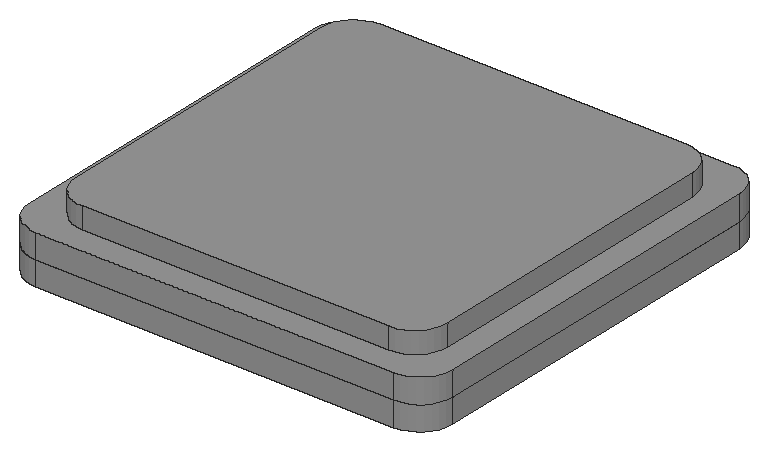
Revit family "FMS2_63_UN_Surface-mounted_ETK", category Lighting Fixtures, Revit 2019 (continued)
Definition of nested family "FMS.2 - Lightsource"
  Types (14, lengths in mm): name | Wattage Comments | Wattage | built-in parameter 1150134 | Photometric Web File | built-in parameter 1150142 | built-in parameter 1150105 | Lumens | built-in parameter 1150107 | built-in parameter 1150106 | Apparent Load
      \t236.7034\t232.9747\t229.1079\t225.3792\r\n221.5124\t217.7837\t214.055\t210.3263\t206.4595\t202.7308\t199.0021\t195.2734\t190.9923\t186.7112\r\n182.5682\t178.2871\t174.1441\t170.0011\t165.8581\t161.7151\t157.5721\t153.4291\t149.4242\t145.2812\r\n141.2763\t137.2438\t133.2389\t129.2478\t125.2705\t121.307\t117.3574\t113.4353\t109.5685\t105.8675\r\n102.1802\t98.5205\t94.8609\t91.2012\t87.583\t83.9786\t80.4018\t76.8388\t73.3035\t69.7819\r\n66.288\t62.7941\t59.3278\t55.8615\t52.4228\t47.3821\t37.7704\t28.1586\t18.533\t8.9033\r\n0\t0\t0\t0\t0\t0\t0\t0\t0\t0\r\n0\r\n502.9602\t502.5459\t501.9935\t501.7173\t501.4411\t501.1649\t500.8887\t500.4744\t500.0601\t499.6458\r\n499.2315\t498.6791\t498.1267\t497.5743\t496.8838\t496.1933\t495.5028\t494.8123\t493.9837\t493.1551\r\n492.1884\t491.2217\t490.3931\t489.4264\t488.4597\t487.493\t486.3882\t485.1453\t483.9024\t482.6595\r\n481.4166\t480.1737\t478.7927\t477.2736\t475.8926\t474.3735\t472.8544\t471.4734\t469.8162\t468.159\r\n466.5018\t464.8446\t463.1874\t461.5302\t459.7349\t457.9396\t456.0062\t454.2109\t452.2775\t450.206\r\n448.2726\t446.3392\t444.2677\t442.1962\t440.1247\t437.9151\t435.8436\t433.634\t431.5625\t429.2148\r\n427.0052\t424.6575\t422.3098\t420.1002\t417.7525\t415.2667\t412.2285\t409.1903\t406.014\t402.8377\r\n399.6614\t396.4851\t393.3088\t390.2706\t387.0943\t383.7799\t380.6036\t377.2892\t374.1129\t370.7985\r\n367.4841\t364.1697\t360.9934\t357.679\t354.3646\t350.9121\t347.5977\t344.1452\t340.8308\t337.5164\r\n334.0639\t330.6114\t327.1589\t323.8445\t320.392\t317.0776\t313.6251\t310.1726\t306.7201\t303.2676\r\n299.8151\t296.3626\t292.9101\t289.5957\t286.1432\t282.6907\t279.2382\t275.7857\t272.057\t268.1902\r\n264.1853\t260.1804\t256.3136\t252.3087\t248.1657\t244.1608\t240.1559\t236.2891\t232.2842\t228.2793\r\n224.4125\t220.4076\t216.5408\t212.5359\t208.6691\t204.6642\t200.7974\t196.9306\t193.0638\t189.197\r\n185.3302\t181.6015\t177.7347\t174.006\t170.1392\t165.9962\t161.7151\t157.5721\t153.291\t149.148\r\n145.005\t140.862\t136.7742\t132.6727\t128.5849\t124.5248\t120.4922\t116.5012\t112.5239\t108.5742\r\n104.6384\t100.7163\t96.8081\t93.038\t89.4059\t85.8153\t82.2385\t78.7032\t75.1816\t71.6877\r\n68.2214\t64.7689\t61.344\t57.933\t54.5495\t51.1799\t47.824\t44.482\t34.9807\t24.9409\r\n14.8872\t4.8073\t0\t0\t0\t0\t0\t0\t0\t0\r\n0\r\n502.9602\t502.5459\t502.1316\t501.9935\t501.7173\t501.5792\t501.303\t501.0268\t500.6125\t500.3363\r\n499.922\t499.3696\t498.8172\t498.2648\t497.7124\t497.16\t496.4695\t495.779\t494.9504\t494.1218\r\n493.2932\t492.3265\t491.4979\t490.6693\t489.7026\t488.5978\t487.493\t486.2501\t485.0072\t483.7643\r\n482.5214\t481.1404\t479.7594\t478.3784\t476.8593\t475.3402\t473.9592\t472.302\t470.6448\t468.9876\r\n467.3304\t465.6732\t463.8779\t462.2207\t460.2873\t458.492\t456.4205\t454.4871\t452.5537\t450.4822\r\n448.4107\t446.3392\t444.2677\t442.0581\t439.9866\t437.777\t435.5674\t433.2197\t430.872\t428.5243\r\n426.3147\t423.8289\t421.4812\t419.1335\t416.6477\t414.1619\t411.538\t408.9141\t406.4283\t403.8044\r\n401.3186\t398.6947\t395.9327\t393.3088\t390.6849\t387.9229\t385.1609\t381.9846\t378.6702\t375.3558\r\n371.9033\t368.5889\t365.1364\t361.6839\t358.3695\t354.917\t351.4645\t348.012\t344.4214\t340.9689\r\n337.5164\t334.0639\t330.4733\t326.8827\t323.4302\t319.9777\t316.3871\t312.6584\t309.0678\t305.6153\r\n302.0247\t298.4341\t294.8435\t291.2529\t287.6623\t284.0717\t280.4811\t276.8905\t273.2999\t269.5712\r\n265.9806\t262.39\t258.7994\t255.0707\t251.4801\t247.8895\t244.2989\t240.5702\t236.9796\t233.2509\r\n229.1079\t224.9649\t220.96\t216.817\t212.674\t208.531\t204.5261\t200.5212\t196.3782\t192.3733\r\n188.3684\t184.3635\t180.3586\t176.3537\t172.4869\t168.482\t164.6152\t160.6103\t156.7435\t152.8767\r\n149.0099\t145.2812\t141.4144\t137.2576\t133.0179\t128.8197\t124.6491\t120.5475\t116.4735\t112.4134\r\n108.3809\t104.3622\t100.3849\t96.4352\t92.4994\t88.605\t84.7244\t80.899\t77.1979\t73.6902\r\n70.21\t66.7713\t63.3741\t60.0045\t56.6624\t53.3342\t50.0198\t46.733\t43.4739\t40.2147\r\n33.434\t22.676\t11.8849\t1.0588\t0\t0\t0\t0\t0\t0\r\n0\r\n502.9602\t502.684\t502.2697\t502.1316\t502.1316\t501.9935\t501.7173\t501.5792\t501.303\t500.8887\r\n500.6125\t500.0601\t499.6458\t499.2315\t498.6791\t498.1267\t497.4362\t496.7457\t496.0552\t495.2266\r\n494.398\t493.5694\t492.7408\t491.9122\t490.9455\t489.8407\t488.5978\t487.493\t486.3882\t485.2834\r\n483.9024\t482.5214\t481.0023\t479.6213\t478.2403\t476.8593\t475.2021\t473.683\t472.0258\t470.3686\r\n468.7114\t466.9161\t465.1208\t463.3255\t461.3921\t459.4587\t457.5253\t455.4538\t453.5204\t451.4489\r\n449.3774\t447.1678\t445.0963\t442.8867\t440.6771\t438.3294\t435.9817\t433.634\t431.2863\t428.9386\r\n426.4528\t423.967\t421.6193\t418.9954\t416.5096\t413.8857\t411.2618\t408.6379\t405.8759\t403.252\r\n400.49\t397.8661\t395.1041\t392.3421\t389.442\t386.68\t383.7799\t381.0179\t377.9797\t375.0796\r\n372.1795\t369.2794\t366.3793\t363.3411\t360.3029\t357.2647\t354.2265\t351.1883\t348.1501\t345.1119\r\n341.9356\t338.8974\t335.8592\t332.1305\t328.4018\t324.8112\t321.2206\t317.4919\t313.9013\t310.1726\r\n306.4439\t302.7152\t299.1246\t295.3959\t291.6672\t287.8004\t284.0717\t280.343\t276.4762\t272.7475\r\n269.0188\t265.2901\t261.4233\t257.6946\t253.8278\t250.0991\t246.2323\t242.5036\t238.6368\t234.77\r\n231.0413\t227.3126\t223.4458\t219.579\t215.8503\t211.9835\t208.2548\t204.5261\t200.7974\t196.9306\r\n193.2019\t189.4732\t185.4683\t181.3253\t177.0442\t172.9012\t168.7582\t164.6152\t160.6103\t156.4673\r\n152.4624\t148.3194\t144.3145\t140.3096\t136.3047\t132.355\t128.4882\t124.6629\t120.8237\t117.0121\r\n113.2282\t109.4304\t105.2184\t101.0754\t97.0152\t93.0103\t89.0469\t85.111\t81.2166\t77.3636\r\n73.5521\t69.7819\t66.067\t62.4074\t59.0239\t55.6819\t52.3675\t49.0669\t45.8078\t42.5624\r\n39.3447\t36.1546\t32.9921\t21.5298\t9.4198\t0\t0\t0\t0\t0\r\n0\r\n502.9602\t502.684\t502.4078\t502.4078\t502.4078\t502.2697\t502.2697\t501.9935\t501.8554\t501.5792\r\n501.303\t500.8887\t500.4744\t500.0601\t499.6458\t499.0934\t498.541\t497.8505\t497.16\t496.3314\r\n495.6409\t494.8123\t494.1218\t493.2932\t492.3265\t491.2217\t490.1169\t489.0121\t488.0454\t486.8025\r\n485.4215\t484.0405\t482.6595\t481.4166\t480.0356\t478.5165\t476.9974\t475.3402\t473.8211\t472.1639\r\n470.3686\t468.5733\t466.778\t464.9827\t463.0493\t461.1159\t459.1825\t457.2491\t455.1776\t453.1061\r\n450.8965\t448.825\t446.6154\t444.4058\t442.1962\t439.8485\t437.5008\t435.1531\t432.6673\t430.1815\r\n427.6957\t425.348\t422.7241\t420.1002\t417.4763\t414.8524\t412.2285\t409.4665\t406.7045\t403.9425\r\n401.3186\t398.5566\t395.6565\t392.7564\t389.8563\t386.9562\t384.0561\t381.0179\t378.1178\t375.0796\r\n372.0414\t369.1413\t366.1031\t362.9268\t359.7505\t356.7123\t353.536\t350.3597\t347.1834\t344.1452\r\n340.9689\t337.5164\t334.202\t331.0257\t327.8494\t324.535\t321.2206\t317.7681\t314.4537\t311.1393\r\n307.8249\t304.5105\t301.1961\t297.7436\t294.2911\t290.8386\t287.248\t283.9336\t280.6192\t277.1667\r\n273.5761\t270.1236\t266.6711\t263.0805\t259.628\t255.7612\t251.8944\t247.8895\t243.8846\t239.8797\r\n236.0129\t232.008\t228.1412\t224.1363\t220.1314\t215.9884\t211.9835\t208.1167\t204.1118\t200.1069\r\n196.102\t192.0971\t188.0922\t184.2254\t180.3586\t176.4918\t172.4869\t168.482\t164.4771\t160.6103\r\n156.7435\t152.8767\t149.0099\t145.1431\t141.4144\t137.589\t133.7913\t129.7864\t125.6158\t121.4728\r\n117.3712\t113.2696\t109.1957\t105.2046\t101.2411\t97.2776\t93.4108\t89.5855\t85.8015\t82.0866\r\n78.4132\t74.5878\t70.7348\t66.9371\t63.1946\t59.5073\t55.8615\t52.2432\t48.625\t45.0206\r\n41.43\t37.8256\t34.1936\t30.603\t27.0814\t20.2869\t6.702\t0\t0\t0\r\n0\r\n502.9602\t502.8221\t502.5459\t502.684\t502.684\t502.684\t502.684\t502.5459\t502.4078\t502.2697\r\n501.9935\t501.7173\t501.4411\t501.0268\t500.6125\t500.1982\t499.7839\t499.0934\t498.4029\t497.7124\r\n497.0219\t496.3314\t495.779\t494.8123\t493.9837\t492.8789\t491.7741\t490.8074\t489.8407\t488.5978\r\n487.3549\t485.9739\t484.731\t483.35\t482.1071\t480.588\t479.0689\t477.5498\t476.0307\t474.3735\r\n472.5782\t470.921\t469.1257\t467.1923\t465.397\t463.4636\t461.5302\t459.5968\t457.5253\t455.4538\r\n453.3823\t451.3108\t449.1012\t446.8916\t444.5439\t442.3343\t439.9866\t437.5008\t435.015\t432.6673\r\n430.1815\t427.6957\t425.2099\t422.586\t419.9621\t417.2001\t414.4381\t411.8142\t409.0522\t406.2902\r\n403.6663\t400.7662\t397.728\t394.8279\t391.9278\t389.0277\t386.1276\t383.0894\t380.0512\t377.013\r\n374.1129\t370.9366\t367.7603\t364.584\t361.4077\t358.2314\t355.0551\t351.8788\t348.7025\t345.3881\r\n342.0737\t338.7593\t335.4449\t332.1305\t328.8161\t325.3636\t321.9111\t318.5967\t315.2823\t311.9679\r\n308.5154\t304.9248\t301.4723\t297.8817\t294.4292\t290.9767\t287.3861\t283.9336\t280.343\t276.7524\r\n273.1618\t269.5712\t265.8425\t262.2519\t258.6613\t255.0707\t251.342\t247.7514\t244.0227\t240.4321\r\n236.7034\t232.9747\t229.246\t225.3792\t221.7886\t218.0599\t214.3312\t210.6025\t206.7357\t203.007\r\n199.2783\t195.6877\t191.959\t188.2303\t184.3635\t180.4967\t176.768\t172.9012\t169.3106\t165.5819\r\n161.8532\t157.9864\t154.3958\t150.6671\t146.9384\t142.7954\t138.7905\t134.6613\t130.6288\t126.6515\r\n122.688\t118.766\t114.8302\t110.8529\t106.917\t103.1055\t99.3077\t95.5238\t91.7675\t88.0388\r\n84.3515\t80.7609\t77.2808\t73.7454\t69.7957\t65.9013\t62.1864\t58.4992\t54.729\t50.8484\r\n46.9264\t42.1896\t37.3975\t32.5916\t27.8548\t23.9465\t20.3559\t16.8206\t4.1223\t0\r\n0\r\n502.9602\t502.8221\t502.8221\t502.8221\t502.9602\t503.0983\t503.2364\t503.0983\t503.0983\t502.9602\r\n502.8221\t502.5459\t502.2697\t501.9935\t501.7173\t501.303\t500.8887\t500.3363\t499.7839\t499.0934\r\n498.541\t497.9886\t497.4362\t496.6076\t495.779\t494.6742\t493.7075\t492.8789\t491.9122\t490.6693\r\n489.4264\t488.1835\t487.0787\t485.8358\t484.5929\t483.0738\t481.6928\t480.1737\t478.6546\t476.9974\r\n475.3402\t473.683\t472.0258\t470.2305\t468.2971\t466.5018\t464.7065\t462.7731\t460.7016\t458.7682\r\n456.6967\t454.6252\t452.5537\t450.3441\t447.9964\t445.7868\t443.5772\t441.0914\t438.6056\t436.2579\r\n433.9102\t431.4244\t428.9386\t426.3147\t423.6908\t420.9288\t418.3049\t415.5429\t412.919\t410.2951\r\n407.5331\t404.633\t401.5948\t398.8328\t395.9327\t393.0326\t390.1325\t387.0943\t383.918\t381.0179\r\n378.1178\t375.0796\t371.9033\t368.727\t365.5507\t362.3744\t359.1981\t356.0218\t352.8455\t349.393\r\n346.0786\t342.7642\t339.5879\t336.1354\t332.6829\t329.3685\t325.916\t322.6016\t319.4253\t315.9728\r\n312.5203\t308.9297\t305.3391\t301.8866\t298.4341\t294.8435\t291.2529\t287.6623\t284.0717\t280.4811\r\n276.8905\t273.2999\t269.5712\t265.8425\t262.2519\t258.6613\t254.9326\t251.2039\t247.4752\t243.7465\r\n240.0178\t236.2891\t232.5604\t228.6936\t224.9649\t221.0981\t217.3694\t213.5026\t209.7739\t205.9071\r\n202.1784\t198.4497\t194.721\t190.7161\t186.7112\t182.8444\t178.9776\t175.2489\t171.6583\t167.6534\r\n163.7866\t159.9198\t156.053\t152.1862\t148.3194\t144.5907\t140.7239\t137.0642\t133.3494\t129.3997\r\n125.45\t121.6661\t117.8683\t114.2363\t110.6043\t106.9584\t103.2988\t99.6392\t95.9795\t92.5408\r\n89.0883\t85.5115\t81.9347\t78.5513\t75.1816\t71.9225\t68.6633\t65.5008\t62.3383\t59.1482\r\n55.9581\t53.0995\t50.2408\t47.244\t44.2472\t41.2229\t38.2123\t35.5193\t32.8402\t30.4234\r\n14.2519\r\n502.9602\t502.8221\t502.684\t502.684\t502.8221\t502.8221\t502.8221\t502.8221\t502.684\t502.4078\r\n502.2697\t501.9935\t501.7173\t501.303\t501.0268\t500.6125\t500.0601\t499.5077\t498.8172\t498.1267\r\n497.4362\t496.8838\t496.1933\t495.3647\t494.5361\t493.5694\t492.4646\t491.4979\t490.5312\t489.2883\r\n488.0454\t486.8025\t485.5596\t484.1786\t482.9357\t481.4166\t480.0356\t478.5165\t476.9974\t475.2021\r\n473.5449\t471.8877\t470.2305\t468.2971\t466.3637\t464.5684\t462.7731\t460.7016\t458.7682\t456.6967\r\n454.6252\t452.5537\t450.3441\t448.1345\t445.9249\t443.5772\t441.3676\t438.8818\t436.396\t434.0483\r\n431.5625\t429.0767\t426.5909\t423.967\t421.3431\t418.7192\t415.9572\t413.3333\t410.5713\t407.9474\r\n405.1854\t402.2853\t399.3852\t396.4851\t393.585\t390.6849\t387.7848\t384.7466\t381.7084\t378.8083\r\n375.7701\t372.7319\t369.5556\t366.5174\t363.3411\t360.1648\t356.9885\t353.8122\t350.6359\t347.3215\r\n344.0071\t340.6927\t337.3783\t334.0639\t330.6114\t327.297\t323.9826\t320.6682\t317.3538\t314.0394\r\n310.4488\t306.9963\t303.5438\t300.0913\t296.6388\t293.1863\t289.5957\t286.0051\t282.4145\t278.8239\r\n275.3714\t271.7808\t268.1902\t264.4615\t260.8709\t257.1422\t253.5516\t249.961\t246.2323\t242.6417\r\n238.913\t235.3224\t231.5937\t227.865\t224.1363\t220.4076\t216.5408\t212.8121\t209.2215\t205.4928\r\n201.7641\t198.0354\t194.3067\t190.4399\t186.7112\t182.9825\t179.2538\t175.6632\t171.9345\t168.0677\r\n164.2009\t160.3341\t156.7435\t153.1529\t149.5623\t145.4193\t141.2763\t137.1057\t133.0593\t129.1373\r\n125.1738\t121.1551\t117.164\t113.2144\t109.32\t105.536\t101.7935\t97.9267\t94.1013\t90.3726\r\n86.6992\t83.1638\t79.7389\t76.2588\t72.2815\t68.3733\t64.7137\t61.0954\t57.5325\t54.0109\r\n50.5446\t46.6916\t42.8662\t39.0685\t35.2707\t31.473\t27.7167\t24.0156\t6.0239\t0\r\n0\r\n502.9602\t502.8221\t502.5459\t502.5459\t502.5459\t502.5459\t502.5459\t502.4078\t502.2697\t501.9935\r\n501.7173\t501.4411\t501.1649\t500.7506\t500.3363\t499.7839\t499.3696\t498.6791\t498.1267\t497.2981\r\n496.6076\t495.9171\t495.2266\t494.398\t493.5694\t492.4646\t491.3598\t490.3931\t489.4264\t488.1835\r\n486.9406\t485.5596\t484.3167\t482.9357\t481.6928\t480.1737\t478.7927\t477.2736\t475.6164\t473.9592\r\n472.302\t470.5067\t468.8495\t467.0542\t465.1208\t463.3255\t461.3921\t459.4587\t457.3872\t455.4538\r\n453.3823\t451.1727\t449.1012\t446.8916\t444.682\t442.4724\t440.1247\t437.777\t435.4293\t432.9435\r\n430.4577\t428.11\t425.6242\t423.0003\t420.5145\t417.8906\t415.1286\t412.5047\t409.8808\t407.1188\r\n404.4949\t401.7329\t398.8328\t396.0708\t393.1707\t390.2706\t387.3705\t384.4704\t381.4322\t378.5321\r\n375.632\t372.5938\t369.5556\t366.5174\t363.4792\t360.3029\t357.2647\t354.0884\t350.9121\t347.8739\r\n344.6976\t341.3832\t338.0688\t335.0306\t331.7162\t328.4018\t325.0874\t321.773\t318.5967\t315.2823\r\n312.106\t308.6535\t305.201\t301.7485\t298.4341\t295.1197\t291.8053\t288.3528\t284.9003\t281.4478\r\n277.8572\t274.4047\t271.0903\t267.7759\t264.1853\t260.3185\t256.3136\t252.3087\t248.4419\t244.5751\r\n240.5702\t236.5653\t232.6985\t228.6936\t224.8268\t220.8219\t216.817\t212.8121\t208.8072\t204.8023\r\n200.7974\t196.9306\t193.0638\t189.197\t185.1921\t181.1872\t177.3204\t173.3155\t169.4487\t165.4438\r\n161.577\t157.7102\t153.9815\t150.1147\t146.2479\t142.3811\t138.5143\t134.5094\t130.2973\t126.1682\r\n122.0804\t118.0617\t114.0706\t110.1071\t106.1575\t102.2078\t98.2167\t94.2809\t90.4417\t86.713\r\n83.0395\t79.2004\t75.3059\t71.4529\t67.6414\t63.8851\t60.1978\t56.5658\t53.0028\t49.4398\r\n45.8492\t42.2862\t38.7923\t35.3122\t31.8735\t24.278\t8.0485\t0\t0\t0\r\n0\r\n502.9602\t502.684\t502.4078\t502.4078\t502.4078\t502.2697\t502.2697\t501.9935\t501.8554\t501.5792\r\n501.303\t500.8887\t500.6125\t500.0601\t499.6458\t499.2315\t498.6791\t498.1267\t497.2981\t496.6076\r\n495.779\t495.0885\t494.398\t493.5694\t492.6027\t491.636\t490.5312\t489.4264\t488.4597\t487.3549\r\n486.112\t484.731\t483.4881\t482.1071\t480.7261\t479.3451\t477.826\t476.445\t474.7878\t473.2687\r\n471.6115\t469.8162\t468.159\t466.3637\t464.5684\t462.635\t460.8397\t458.9063\t456.9729\t454.9014\r\n452.8299\t450.7584\t448.6869\t446.6154\t444.4058\t442.1962\t439.9866\t437.6389\t435.4293\t432.9435\r\n430.5958\t428.2481\t425.7623\t423.4146\t420.7907\t418.3049\t415.8191\t413.1952\t410.5713\t407.9474\r\n405.3235\t402.6996\t399.9376\t397.1756\t394.4136\t391.6516\t388.8896\t385.9895\t383.0894\t380.1893\r\n377.4273\t374.6653\t371.6271\t368.727\t365.6888\t362.7887\t359.8886\t356.8504\t353.8122\t350.774\r\n347.7358\t344.6976\t341.6594\t337.9307\t334.3401\t330.7495\t327.297\t323.5683\t319.8396\t316.1109\r\n312.5203\t308.9297\t305.3391\t301.7485\t297.8817\t294.0149\t290.4243\t286.6956\t282.9669\t279.3763\r\n275.6476\t271.7808\t268.0521\t264.1853\t260.4566\t256.7279\t253.1373\t249.2705\t245.4037\t241.675\r\n237.9463\t234.2176\t230.3508\t226.6221\t222.8934\t219.0266\t215.2979\t211.5692\t207.8405\t204.1118\r\n200.3831\t196.6544\t192.7876\t188.5065\t184.3635\t180.2205\t176.0775\t171.9345\t167.7915\t163.6485\r\n159.5055\t155.6387\t151.6338\t147.6289\t143.4859\t139.481\t135.5866\t131.6783\t127.8254\t124.0414\r\n120.2713\t116.4873\t112.2339\t108.008\t103.8788\t99.8049\t95.7585\t91.7536\t87.7625\t83.8267\r\n79.9185\t76.0793\t72.2815\t68.5114\t64.8656\t61.3164\t57.781\t54.2733\t50.7932\t47.3407\r\n43.902\t40.4771\t37.0937\t24.1951\t10.5771\t0\t0\t0\t0\t0\r\n0\r\n502.9602\t502.684\t502.4078\t502.2697\t502.1316\t501.9935\t501.8554\t501.7173\t501.4411\t501.1649\r\n500.8887\t500.4744\t500.0601\t499.6458\t499.0934\t498.541\t497.9886\t497.4362\t496.7457\t496.0552\r\n495.2266\t494.398\t493.5694\t492.8789\t491.9122\t490.9455\t489.9788\t488.7359\t487.6311\t486.6644\r\n485.5596\t484.1786\t482.9357\t481.5547\t480.1737\t478.7927\t477.4117\t475.8926\t474.3735\t472.8544\r\n471.3353\t469.6781\t467.8828\t466.2256\t464.4303\t462.7731\t460.8397\t458.9063\t457.111\t455.1776\r\n453.2442\t451.1727\t449.1012\t447.0297\t444.9582\t442.8867\t440.6771\t438.4675\t436.2579\t434.0483\r\n431.7006\t429.491\t427.1433\t424.7956\t422.4479\t419.9621\t417.6144\t415.1286\t412.6428\t410.157\r\n407.5331\t404.9092\t402.4234\t399.9376\t397.3137\t394.5517\t391.9278\t388.8896\t385.5752\t382.2608\r\n378.8083\t375.4939\t372.1795\t368.8651\t365.5507\t362.0982\t358.6457\t355.3313\t351.8788\t348.5644\r\n345.1119\t341.6594\t338.0688\t334.6163\t331.1638\t327.7113\t324.1207\t320.6682\t317.2157\t313.6251\r\n310.1726\t306.582\t302.9914\t299.4008\t295.9483\t292.4958\t289.0433\t285.4527\t281.724\t278.1334\r\n274.5428\t271.0903\t267.4997\t264.0472\t260.4566\t256.7279\t253.1373\t249.5467\t245.9561\t242.3655\r\n238.2225\t234.2176\t230.0746\t225.9316\t221.9267\t217.9218\t213.9169\t209.7739\t205.769\t201.7641\r\n197.6211\t193.6162\t189.7494\t185.7445\t181.8777\t178.0109\t174.006\t170.1392\t166.1343\t162.2675\r\n158.4007\t154.672\t150.9433\t146.8003\t142.5192\t138.2381\t133.9846\t129.7726\t12
